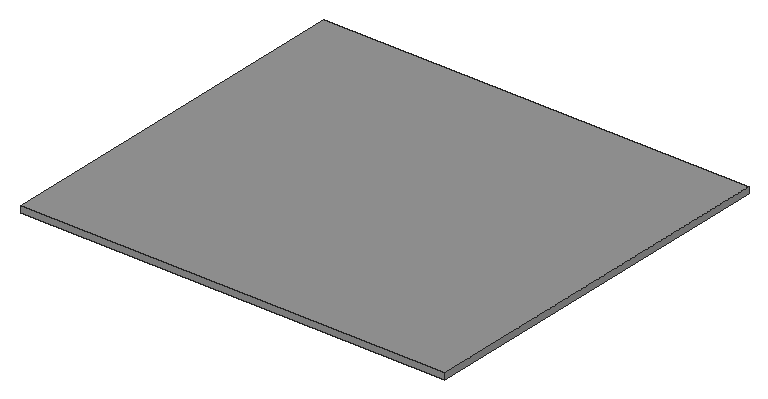
Revit family "ROTHOB_Rothoblaas_Membrane_TraspirAdhesive260", category Structural Connections, host Face, Revit 2020
Family settings
  Host = Face
  Material for Model Behavior = Other
  OmniClass Number = 23.13.25.25
  OmniClass Title = Air Barriers
  Enable cutting in views = Yes
  Cut with Voids When Loaded = No
  Shared = No
Parameters (values of type "TRASPIR ADHESIVE 260")
  WaterVapourTransmition_Sd = "0,18 m"  # constant formula
  WarrantyStartDate [instance] = ""
  WarrantyGuarantorParts = "n/a"  # constant formula
  WarrantyGuarantorLabor = "n/a"  # constant formula
  WarrantyDurationUnit = "n/a"  # constant formula
  WarrantyDurationParts = "n/a"  # constant formula
  WarrantyDurationLabor = "n/a"  # constant formula
  WarrantyDescription = "n/a"  # constant formula
  Version = "1"  # constant formula
  UniClass2015Version = "Products v1.33"  # constant formula
  UniClass2015Title = "Polypropylene vapour-permeable sheets"  # constant formula
  UniClass2015Code = "Pr_25_57_10_66"  # constant formula
  UVStability = "336h (3 months)"  # constant formula
  Tipo IFC predefinito = "USERDEFINED"  # constant formula
  SustainabilityPerformance = "n/a"  # constant formula
  Size = "n/a"  # constant formula
  Shape = "Bidimensional"  # constant formula
  Revision = "n/a"  # constant formula
  ReplacementCost = "n/a"  # constant formula
  ReactionFire = "class E"  # constant formula
  ObjectMaterial = ROTHOB_Rothoblaas_Polypropylene_Adhesive
  NominalWidth = "n/a"  # constant formula
  NominalHeight = "n/a"  # constant formula
  MassUnitArea = "260 g/m2"  # constant formula
  Default Elevation = 1.2192 m
  ProductInformation = "https://www.rothoblaas.com/products/airtightness-and-waterproofing/self-adhesive-membranes/traspir-adhesive-260#TRASPIR%20ADHESIVE%20260"  # constant formula
  OmniClassVersion = "2012-05-16"  # constant formula
  OmniClassTitle = "Air Barriers"  # constant formula
  OmniClassCode = "23.13.25.25"  # constant formula
  NominalLength = "n/a"  # constant formula
  InstallationDate [instance] = ""
  Height_H [instance] = 0.061173 m
  Name = "Membrane"  # constant formula
  ModelReference = "n/a"  # constant formula
  ModelNumber = "n/a"  # constant formula
  ModelDisclaimer = "The latest version of the data sheets can be found on our website"  # constant formula
  Material = "Polypropylene and adhesive"  # constant formula
  ManufacturerURL = "www.rothoblaas.com"  # constant formula
  ManufacturerName = "ROTHO BLAAS SRL"  # constant formula
  Manufacturer = "info@rothoblaas.com"  # constant formula
  IfcExportType = "USERDEFINED"  # constant formula
  IfcExportAs = "IfcBuildingElementProxyType"  # constant formula
  Length_L [instance] = 0.068292 m
  Grade = "n/a"  # constant formula
  Finish = "Non-woven PP fabric"  # constant formula
  Features = "Flexible sheets for waterproofing"  # constant formula
  ExpectedLife = "n/a"  # constant formula
  Esporta tipo in formato IFC con nome = "IfcBuildingElementProxyType"  # constant formula
  DurationUnit = "Years"  # constant formula
  Description = "Breathable self-adhesive membrane"  # constant formula
  Constituents = "n/a"  # constant formula
  Color = "Grey"  # constant formula
  CodePerformance = "CE - Construction products"  # constant formula
  Category = "Pr_25_57_10_66 - Polypropylene vapour-permeable sheets"  # constant formula
  CETitle = "n/a"  # constant formula
  CECode = "EN 13859-1/2"  # constant formula
  BIMObjectName = "ROTHOB_Rothoblaas_Membrane_TraspirAdhesive260"  # constant formula
  Author = "Vitor Ferronato"  # constant formula
  AssetType = "n/a"  # constant formula
  AccessibilityPerformance = "n/a"  # constant formula
Reference planes (m)
  plane 1 "Centro (Fronte/Retro)": y = 0
  plane 2: z = 0
  plane 3 "Centro (Sinistra/Destra)": x = 0
  plane 4: y = 0.030587
  plane 5: y = -0.030587
  plane 6: x = -0.034146
  plane 7: x = 0.034146
Forms (m)
  Extrusion 1, solid, material "ROTHOB_Rothoblaas_Polypropylene_Adhesive" <- "ObjectMaterial"
    sketch origin (0, 0, 0) x (1, 0, 0) y (0, 1, 0)
      loop
        line (-0.034146, 0.030587) -> (-0.034146, -0.030587) -> (0.034146, -0.030587) -> (0.034146, 0.030587) -> (-0.034146, 0.030587)
    from 0 to 0.001
Dimensions and locks (m)
  equal spacing: host sketch curve, plane 3 "Centro (Sinistra/Destra)", host sketch curve
  host sketch curve to host sketch curve = 0.074995 m
  equal spacing: host sketch curve, plane 1 "Centro (Fronte/Retro)", host sketch curve
  host sketch curve to host sketch curve = 0.067157 m
  equal spacing: plane 6, plane 3 "Centro (Sinistra/Destra)", plane 7
  "Length_L": plane 6 to plane 7
  equal spacing: plane 4, plane 1 "Centro (Fronte/Retro)", plane 5
  "Height_H": plane 4 to plane 5
  aligned and locked: plane 2 to host face
  aligned and locked: level to host face
  aligned and locked: Extrusion 1 sketch curve to plane 4
  aligned and locked: Extrusion 1 sketch curve to plane 5
  aligned and locked: plane 7 to Extrusion 1 sketch curve
  aligned and locked: plane 6 to Extrusion 1 sketch curve
